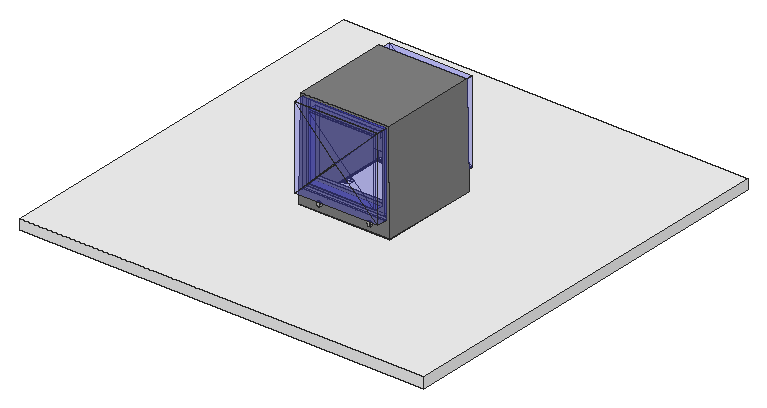
Revit family "BE_50063.5_de_DE", category Leuchten, Revit 2015
Parameters (values of type "BEGA_50063.5_K4")
  built-in parameter 1150104 = 16.992 (stored number, unit not read)
  Wattage = 7.6 W
  Default Elevation = 0 mm
  built-in parameter 1150113 = 1 (stored number, unit not read)
  built-in parameter 1114218 = 1 (stored number, unit not read)
  Umgebungstemperatur = ""
  URL = "http://www.bega.de/produkt/50063.5"
  Typenkommentare = "© 2017 BEGA. Wir behalten uns das Recht vor, technische Änderungen ohne vorherige Ankündigung vorzunehmen."  # constant formula
  built-in parameter 1150134 = 12
  built-in parameter 1150109 = 1 (stored number, unit not read)
  Strom = ""
  built-in parameter 1150110 = 1 (stored number, unit not read)
  Spannung = 239.996 V
  Sonderanfertigung = no
  Seriennummer [instance] = "Hier können Sie die eindeutige Seriennummer für das Facility Management eintragen."
  Schutzklasse = "I"
  Schutzart = ""
  Scheinlast = 0 VA
  Produktdatenblatt = "http://www.bega.de/download/Xrfa/db/50063.5.db.de.pdf"
  Oberflächentemperatur = ""
  Neigungswinkel = 0.00°
  Modell = "50063.5K4"
  Material_17 = BEGA_Reflektor
  Material_15 = BEGA_Leuchtmedium_matt
  Material_11 = BEGA_Glas_opal
  Material_09 = BEGA_Glas_klar
  Material_08 = BEGA_Oberfläche_Stahl_verzinkt
  Material_06 = BEGA_Oberfläche_Edelstahl_gebürstet
  Material_05 = BEGA_Oberfläche_Aluminium Guss
  Material_03 = BEGA_Oberfläche_Weiss_matt
  Material_02 = BEGA_Oberfläche_Silber_matt
  Material_01 [instance] = BEGA_Oberfläche_Grafit_matt
  M_W = no
  M_G = no
  M_A = no
  Logo = 0
  built-in parameter 1114217 = 1 (stored number, unit not read)
  built-in parameter 1150139 = (empty or 0)
  built-in parameter 1150105 = 110.62 (stored number, unit not read)
  built-in parameter 1150114 = 1 (stored number, unit not read)
  Lumens = 1390.04 lm
  built-in parameter 1150115 = 1 (stored number, unit not read)
  Leuchtenlichtstrom = "566 lm"
  Leuchtenanzahl = ""
  Lebensdauerkriterien = "L70B50 @ 25 °C = 500000 h"
  Lastklassifizierung = Beleuchtung
  built-in parameter 1150112 = 1 (stored number, unit not read)
  Lampenlichtstrom = "1390 lm"
  Lampe = "LED 7.6 W"
  LED_Modulbezeichnung = "2x LED-0276/840 "
  Hersteller = "BEGA"  # constant formula
  Halbstreuwinkel = ""
  Gewicht = "1.0 kg"
  Gebrauchslageneinschränkung [instance] = ""
  Frequenz = "0/50-60 Hz"
  Farbwiedergabeindex = "Ra > 80"
  Farbtemperaturverschiebung bei Dämpfen der Lampe = <Keine Auswahl>
  Farbtemperatur = "4000 K"
  Color Filter = 16777215
  built-in parameter 1150133 = 10 (stored number, unit not read)
  Energieeffizienzklasse = "LED A++ - A"
  built-in parameter 1150137 = (empty or 0)
  built-in parameter 1150132 = (empty or 0)
  ENEC = ""
  Dimmbar [instance] = ""
  Datei für fotometrisches Netz = "BE_50063K4.IES"
  CE_Konformität = "ja"
  Bestellnummer = "50063.5K4"
  Beschreibung_Sonderanfertigung = "Hier können Sie Informationen zur Sonderanfertigung eintragen."
  Beschreibung = "Wandleuchte"
  built-in parameter 1150106 = 1.1062 (stored number, unit not read)
  Befestigungsbohrung = "Ø 4,5 mm"
  Befestigungsabstand = "65 mm"
  Ballwurfsicher = ""
  BEGA_Intern_aus = yes
  BEGA_Intern_an = yes
  BEGA_Intern_Konstruktion = yes
  BEGA_Intern = yes
  BEGA_IES = yes
  BEGA_Dummy = no
  Anschlussleitung = ""
  Anschlussleistung [instance] = "9.5 W"
  Anschlusskasten = ""
  built-in parameter 1150107 = 4000 (stored number, unit not read)
  built-in parameter 1150102 = (empty or 0)
  built-in parameter 1150138 = (empty or 0)
  Aktualisierung = "2017-06-22T04:08:41"
  Abstand_zur_angestrahlten_Fläche [instance] = ""
  AC/DC = "AC/DC"
Types (2, lengths in mm): name | built-in parameter 1150104 | built-in parameter 1150134 | Modell | built-in parameter 1150105 | Lumens | Leuchtenlichtstrom | Lampenlichtstrom | LED_Modulbezeichnung | Farbtemperatur | Datei für fotometrisches Netz | Bestellnummer | built-in parameter 1150106 | built-in parameter 1150107
  BEGA_50063.5_K4 | 16.992 (stored number, unit not read) | 12 | "50063.5K4" | 110.62 (stored number, unit not read) | 1390.04 lm | "566 lm" | "1390 lm" | "2x LED-0276/840 " | "4000 K" | "BE_50063K4.IES" | "50063.5K4" | 1.1062 (stored number, unit not read) | 4000 (stored number, unit not read)
  BEGA_50063.5_K3 | 16.258 (stored number, unit not read) | (empty or 0) | "50063.5" | 105.84 (stored number, unit not read) | 1330 lm | "542 lm" | "1330 lm" | "2x LED-0276/830 " | "3000 K" | "BE_50063.IES" | "50063.5" | 1.0584 (stored number, unit not read) | 3000 (stored number, unit not read)
Reference planes
  plane 1 "Mitte (Vorne/Hinten)": y = 0
  plane 2: z = 0
  plane 3 "Mitte (Links/Rechts)": x = 0
  plane 4 "Links": x = -45
  plane 5 "Rechts": x = 45
  plane 6 "Unten": y = -59.933
  plane 7 "Oben": y = 59.933
  plane 8 "Vorne": z = 100
  plane 9 "Hinten": z = 0
Forms (mm)
  Extrusion 1, solid, material "BEGA_Platte_Weiss"
    sketch origin (0, -1119.2, 0) x (1, 0, 0) y (0, 1, 0)
      loop
        line (-200, 1319.2) -> (-200, 919.2) -> (200, 919.2) -> (200, 1319.2) -> (-200, 1319.2)
    from 0 to -10
  Extrusion 2, solid, material "BEGA_Dummy_matt", visible <- "BEGA_Dummy"
    sketch origin (80.095, -76.023, 0) x (1, 0, 0) y (0, 1, 0)
      loop
        line (-125.095, 135.956) -> (-125.095, 16.091) -> (-35.095, 16.091) -> (-35.095, 135.956) -> (-125.095, 135.956)
    from 0 to 100
Dimensions and locks
  plane 1 "Mitte (Vorne/Hinten)" to Extrusion 1 = 200 mm
  aligned and locked: plane 2 to Extrusion 1
  aligned and locked: level to Extrusion 1
Nested families
  nested 1: "BE_50063.5" at (0, 0, 0), type "BE_50063.5"
Connectors
  electrical at (0, 0, 0), driven by "Lastklassifizierung", driven by "Spannung", driven by "Scheinlast"
    settings: index 1, voltage 239.996 V, apparent load 0 VA, apparent load phase1 0 VA, apparent load phase2 0 VA, apparent load phase3 0 VA, power factor 1, load classification "Beleuchtung", number of poles 1, system type 31, power factor state 1, is connector primary yes, connector utility no, sub classification motor no, connector description ""
Definition of nested family "BE_50063.5"
  Parameters (values of type "BE_50063.5")
    Default Elevation = 1 mm
    URL = "http://www.bega.de/de/produkt"
    Type Comments = "© 2015 BEGA. Wir behalten uns das Recht vor, technische Änderungen ohne vorherige Ankündigung vorzunehmen. "  # constant formula
    Type Image = (empty or 0)
    Neigungswinkel_um_Z2 = 0.00°
    Neigungswinkel_um_Z1 = 0.00°
    Neigungswinkel_um_Y2 = 0.00°
    Neigungswinkel_um_Y1 = 0.00°
    Neigungswinkel_um_X2 = 0.00°
    Neigungswinkel_um_X1 = 0.00°
    Material_17 = none
    Material_15 = none
    Material_11 = none
    Material_09 = none
    Material_08 = none
    Material_06 = none
    Material_05 = none
    Material_03 = none
    Material_02 = none
    Material_01 = none
    M_W = yes
    M_G = yes
    M_A = yes
    Länge_Platte = 200 mm  # constant formula
    Höhe_Platte = -10 mm  # constant formula
    Manufacturer = "BEGA"  # constant formula
    Drehwinkel_um_Z2 = 0.00°
    Drehwinkel_um_Z1 = 0.00°
    Breite_Platte = 200 mm  # constant formula
  Reference planes
    plane 1 "Mitte (Oben/Unten)": y = 0
    plane 2: z = 0
    plane 3 "Mitte (Links/Rechts)": x = 0
    plane 4: x = -45
    plane 5: z = 100
    plane 6: x = 45
    plane 7: y = 59.933
    plane 8: y = -59.933
  Forms (mm)
    Extrusion 1, solid, detail levels medium
      sketch origin (0, 0, 0) x (1, 0, 0) y (0, 1, 0)
        loop
          line (-100, 100) -> (-100, -100) -> (100, -100) -> (100, 100) -> (-100, 100)
      from 0 to -10 <- "Höhe_Platte"
    Extrusion 2, solid, material <- "Material_01", detail levels medium+fine
      sketch origin (0, 0, 0) x (0, 1, 0) y (0, 0, 1)
        loop
          line (48.25, 1) -> (48.25, 100) -> (-48.25, 100) -> (-48.25, 1) -> (-45.046, 1) -> (-45.046, 14) -> (-38.126, 14) -> (-38.126, 93) -> (38.126, 93) -> (38.126, 14) -> (45.046, 14) -> (45.046, 1) -> (48.25, 1)
      from -46.262 to 45.91
    Extrusion 3, solid, material <- "Material_01", detail levels medium+fine
      sketch origin (0, 0, 0) x (1, 0, 0) y (0, 0, 1)
        loop
          line (-46.262, 100) -> (-46.262, 1) -> (-41.809, 1) -> (-41.809, 100) -> (-46.262, 100)
        loop
          line (46.262, 100) -> (41.809, 100) -> (41.809, 1) -> (46.262, 1) -> (46.262, 100)
      from -48.25 to 48.25
    Extrusion 4, void
      sketch origin (0, 0, 0) x (1, 0, 0) y (0, 0, 1)
        loop
          line (-43.257, 100.874) -> (-46.262, 100.874) -> (-46.262, 0.652) -> (-45.006, 0.652) -> (-43.257, 100.874)
        loop
          line (43.257, 100.874) -> (45.006, 0.652) -> (46.262, 0.652) -> (46.262, 100.874) -> (43.257, 100.874)
      from -54.367 to 54.729
    Extrusion 5, void
      sketch origin (0, 0, 0) x (0, 1, 0) y (0, 0, 1)
        loop
          line (43.483, 89.749) -> (-43.906, 89.749) -> (-43.906, 25.491) -> (43.483, 25.491) -> (43.483, 89.749)
      from -33.322 to 33.208
    Extrusion 6, void
      sketch origin (0, 0, 0) x (0, 1, 0) y (0, 0, 1)
        loop
          line (48.25, 98.063) -> (42.45, 98.063) -> (42.45, 15.433) -> (48.25, 15.433) -> (48.25, 98.063)
        loop
          line (-48.25, 98.063) -> (-48.25, 15.433) -> (-42.45, 15.433) -> (-42.45, 98.063) -> (-48.25, 98.063)
      from -41.25 to 41.313
    Sweep 7, solid, material <- "Material_11", detail levels medium+fine
      path origin (0, 0, 0) x (1, 0, 0) y (0, 0, 1)
        loop
          line (41.25, 97.933) -> (-41.25, 97.933) -> (-41.25, 15.433) -> (41.25, 15.433) -> (41.25, 97.933)
      profile origin (0, 0, 97.933) x (0, 0, -1) y (0, -1, 0)
        loop
          line (-0.067, -46.95) -> (0.352, -58.947)
          arc (0.352, -58.947) -> (20.761, -59.689) -> (41.183, -59.933) r 836.627
          line (41.183, -59.933) -> (41.183, -53.463)
          arc (41.183, -53.463) -> (25.118, -52.991) -> (9.076, -52.023) r 520.56
          arc (9.076, -52.023) -> (8.43, -51.718) -> (8.152, -51.06) r 1
          line (8.152, -51.06) -> (7.851, -42.45) -> (2.738, -42.45) -> (2.581, -46.95) -> (-0.067, -46.95)
    Sweep 8, solid, material <- "Material_11", detail levels medium+fine
      path origin (0, 0, 0) x (1, 0, 0) y (0, 0, -1)
        loop
          line (41.25, -97.933) -> (41.25, -15.433) -> (-41.25, -15.433) -> (-41.25, -97.933) -> (41.25, -97.933)
      profile origin (0, 0, 97.933) x (0, 0, 1) y (0, 1, 0)
        loop
          line (0.067, -46.95) -> (-2.581, -46.95) -> (-2.738, -42.45) -> (-7.851, -42.45) -> (-8.152, -51.06)
          arc (-8.152, -51.06) -> (-8.43, -51.718) -> (-9.076, -52.023) r 1
          arc (-9.076, -52.023) -> (-25.118, -52.991) -> (-41.183, -53.463) r 520.56
          line (-41.183, -53.463) -> (-41.183, -59.933)
          arc (-41.183, -59.933) -> (-20.761, -59.689) -> (-0.352, -58.947) r 836.627
          line (-0.352, -58.947) -> (0.067, -46.95)
    Sweep 9, solid, material <- "Material_03", detail levels medium+fine
      path origin (0, 0, 0) x (1, 0, 0) y (0, 1, 0)
        loop
          line (45, 48.25) -> (-45, 48.25) -> (-45, -48.25) -> (45, -48.25) -> (45, 48.25)
      profile origin (0, 48.25, 0) x (0, -1, 0) y (0, 0, 1)
        loop
          line (0.75, 0) -> (5, 0)
          arc (5, 0) -> (6.061, 0.439) -> (6.5, 1.5) r 1.5
          line (6.5, 1.5) -> (6.5, 2.5)
          arc (6.5, 2.5) -> (6.646, 2.854) -> (7, 3) r 0.5
          line (7, 3) -> (35.781, 3) -> (35.781, 4) -> (7, 4)
          arc (7, 4) -> (5.939, 3.561) -> (5.5, 2.5) r 1.5
          line (5.5, 2.5) -> (5.5, 1.5)
          arc (5.5, 1.5) -> (5.354, 1.146) -> (5, 1) r 0.5
          line (5, 1) -> (0.75, 1) -> (0.75, 0)
    Extrusion 10, void
      sketch origin (0, 0, 0) x (1, 0, 0) y (0, 1, 0)
        loop
          circle (15, 24.6) r 8.5
        loop
          circle (-34, -1.9) r 4.25
        loop
          circle (34, -1.9) r 4.25
      from 0 to 6.683
    Extrusion 11, solid, material <- "Material_03", detail levels medium+fine
      sketch origin (0, 0, 0) x (1, 0, 0) y (0, 1, 0)
        loop
          line (-9.219, -12.469) -> (9.219, -12.469) -> (9.219, 12.469) -> (-9.219, 12.469) -> (-9.219, -12.469)
      from 3 to 4
    Revolve 12, void
      sketch origin (0, -9.199, 8) x (1, 0, 0) y (0, 1, 0)
        loop
          line (-25, -37.114) -> (-25, -39.501) -> (-22.298, -39.501) -> (-23.112, -38.09) -> (-23.112, -37.114) -> (-25, -37.114)
        axis (-25, -37.114) -> (-25, -39.501)
      angle from 0 to 360
    Revolve 13, solid, material <- "Material_06", detail levels fine
      sketch origin (-25, 0, 0) x (0, 1, 0) y (0, 0, 1)
        loop
          line (-49.15, 10) -> (-49.15, 8) -> (-45.433, 8) -> (-45.433, 10.5) -> (-46.575, 10.5) -> (-47.289, 10) -> (-49.15, 10)
        axis (-49.15, 8) -> (-45.433, 8)
      angle from 0 to 360
    Revolve 14, void
      sketch origin (0, -9.199, 8) x (-1, 0, 0) y (0, -1, 0)
        loop
          line (-25, 37.114) -> (-23.112, 37.114) -> (-23.112, 38.09) -> (-22.298, 39.501) -> (-25, 39.501) -> (-25, 37.114)
        axis (-25, 37.114) -> (-25, 39.501)
      angle from 0 to 360
    Revolve 15, solid, material <- "Material_06", detail levels fine
      sketch origin (25, 0, 0) x (0, 1, 0) y (0, 0, -1)
        loop
          line (-49.15, -10) -> (-47.289, -10) -> (-46.575, -10.5) -> (-45.433, -10.5) -> (-45.433, -8) -> (-49.15, -8) -> (-49.15, -10)
        axis (-49.15, -8) -> (-45.433, -8)
      angle from 0 to 360
  Cuts and joins
    Extrusion 4, Extrusion 5, Extrusion 6, Extrusion 10, Revolve 12, Revolve 14 cuts Extrusion 2
    Extrusion 4, Extrusion 5, Extrusion 6, Extrusion 10, Revolve 12, Revolve 14 cuts Extrusion 3
    joined: Extrusion 2, Extrusion 3
    Extrusion 10 cuts Sweep 9
    joined: Sweep 9, Extrusion 11
    Revolve 14 cuts Revolve 13
  Dimensions and locks
    equal spacing: Extrusion 1 sketch curve, plane 3 "Mitte (Links/Rechts)", Extrusion 1 sketch curve
    equal spacing: Extrusion 1 sketch curve, plane 1 "Mitte (Oben/Unten)", Extrusion 1 sketch curve
    "Länge_Platte": Extrusion 1 sketch curve to Extrusion 1 sketch curve
    "Breite_Platte": Extrusion 1 sketch curve to Extrusion 1 sketch curve
    aligned and locked: Extrusion 1 to plane 2
    aligned and locked: level to Extrusion 1
  Automatic sketch dimensions
    level to Extrusion 3 sketch curve = 1 mm  (x2)
    Extrusion 3 sketch curve to plane 3 "Mitte (Links/Rechts)" = 46.262 mm
    Extrusion 3 sketch curve to Extrusion 3 sketch curve = 4.453 mm  (x2)
    plane 3 "Mitte (Links/Rechts)" to Extrusion 3 sketch curve = 41.809 mm
    Extrusion 3 sketch curve to Extrusion 3 sketch curve = 99 mm
    Extrusion 3 sketch curve to Extrusion 3 sketch curve = 0 mm
    level to Extrusion 4 sketch curve = 0.652 mm  (x2)
    Extrusion 4 sketch curve to plane 3 "Mitte (Links/Rechts)" = 46.262 mm
    Extrusion 4 sketch curve to Extrusion 4 sketch curve = 1.256 mm  (x2)
    Extrusion 4 sketch curve to Extrusion 4 sketch curve = 3.006 mm
    plane 3 "Mitte (Links/Rechts)" to Extrusion 4 sketch curve = 43.257 mm
    plane 3 "Mitte (Links/Rechts)" to Extrusion 4 sketch curve = 45.006 mm
    Extrusion 4 sketch curve to Extrusion 4 sketch curve = 0 mm
    plane 1 "Mitte (Oben/Unten)" to Extrusion 5 sketch curve = 43.906 mm
    Extrusion 5 sketch curve to plane 1 "Mitte (Oben/Unten)" = 43.483 mm
    level to Extrusion 5 sketch curve = 25.491 mm
    Extrusion 5 sketch curve to Extrusion 5 sketch curve = 64.259 mm
    level to Extrusion 6 sketch curve = 15.433 mm  (x2)
    plane 1 "Mitte (Oben/Unten)" to Extrusion 6 sketch curve = 48.25 mm
    Extrusion 6 sketch curve to Extrusion 6 sketch curve = 5.8 mm  (x2)
    Extrusion 6 sketch curve to plane 1 "Mitte (Oben/Unten)" = 42.45 mm
    Extrusion 6 sketch curve to Extrusion 6 sketch curve = 82.63 mm  (x2)
    Sweep 7 sketch curve to plane 3 "Mitte (Links/Rechts)" = 41.25 mm
    level to Sweep 7 sketch curve = 15.433 mm
    plane 3 "Mitte (Links/Rechts)" to Sweep 7 sketch curve = 41.25 mm
    Sweep 7 sketch curve to Sweep 7 sketch curve = 82.5 mm
    profile plane to Sweep 7 sketch curve = 0.067 mm
    Sweep 7 sketch curve to profile plane = 0.352 mm
    Sweep 7 sketch curve to profile plane = 2.581 mm
    Sweep 7 sketch curve to profile plane = 2.738 mm
    Sweep 7 sketch curve to Sweep 7 sketch curve = 5.113 mm
    Sweep 7 sketch curve to Sweep 7 sketch curve = 5.571 mm
    Sweep 7 sketch curve to Sweep 7 sketch curve = 0.999 mm
    Sweep 7 sketch curve to profile plane = 40.953 mm
    Sweep 7 sketch curve to Sweep 7 sketch curve = 32.032 mm
    Sweep 7 sketch curve to profile plane = 48.45 mm
    Sweep 7 sketch curve to plane 1 "Mitte (Oben/Unten)" = 59.933 mm
    Sweep 7 sketch curve to Sweep 7 sketch curve = 0.986 mm
    Sweep 7 sketch curve to Sweep 7 sketch curve = 6.469 mm
    Sweep 7 sketch curve to Sweep 7 sketch curve = 7.886 mm
    Sweep 7 sketch curve to Sweep 7 sketch curve = 0.035 mm
    Sweep 7 sketch curve to Sweep 7 sketch curve = 4.11 mm
    Sweep 7 sketch curve to Sweep 7 sketch curve = 4.5 mm
    Sweep 7 sketch curve to Sweep 7 sketch curve = 309.648 mm
    Sweep 8 sketch curve to plane 3 "Mitte (Links/Rechts)" = 41.25 mm
    level to Sweep 8 sketch curve = 15.433 mm
    plane 3 "Mitte (Links/Rechts)" to Sweep 8 sketch curve = 41.25 mm
    Sweep 8 sketch curve to Sweep 8 sketch curve = 82.5 mm
    profile plane to Sweep 8 sketch curve = 48.45 mm
    profile plane to Sweep 8 sketch curve = 41.183 mm
    profile plane to Sweep 8 sketch curve = 40.953 mm
    profile plane to Sweep 8 sketch curve = 9.151 mm
    Sweep 8 sketch curve to Sweep 8 sketch curve = 0.999 mm
    profile plane to Sweep 8 sketch curve = 7.851 mm
    profile plane to Sweep 8 sketch curve = 2.738 mm
    profile plane to Sweep 8 sketch curve = 2.581 mm
    profile plane to Sweep 8 sketch curve = 0.352 mm
    Sweep 8 sketch curve to profile plane = 0.067 mm
    Sweep 8 sketch curve to profile plane = 59.933 mm
    Sweep 8 sketch curve to Sweep 8 sketch curve = 0.986 mm
    Sweep 8 sketch curve to Sweep 8 sketch curve = 6.469 mm
    Sweep 8 sketch curve to Sweep 8 sketch curve = 7.886 mm
    Sweep 8 sketch curve to Sweep 8 sketch curve = 0.035 mm
    Sweep 8 sketch curve to Sweep 8 sketch curve = 4.11 mm
    Sweep 8 sketch curve to Sweep 8 sketch curve = 4.5 mm
    Sweep 8 sketch curve to Sweep 8 sketch curve = 309.648 mm
    Sweep 9 sketch curve to plane 3 "Mitte (Links/Rechts)" = 45 mm
    plane 3 "Mitte (Links/Rechts)" to Sweep 9 sketch curve = 45 mm
    plane 1 "Mitte (Oben/Unten)" to Sweep 9 sketch curve = 48.25 mm
    Sweep 9 sketch curve to plane 1 "Mitte (Oben/Unten)" = 48.25 mm
    Sweep 9 sketch curve to Sweep 9 sketch curve = 0 mm  (x4)
    Sweep 9 sketch curve to level = 0 mm
    Sweep 9 sketch curve to profile plane = 0.75 mm
    level to Sweep 9 sketch curve = 1 mm
    Sweep 9 sketch curve to Sweep 9 sketch curve = 4.25 mm
    Sweep 9 sketch curve to Sweep 9 sketch curve = 0.5 mm  (x2)
    level to Sweep 9 sketch curve = 3 mm
    Sweep 9 sketch curve to Sweep 9 sketch curve = 28.781 mm
    plane 1 "Mitte (Oben/Unten)" to Extrusion 10 sketch curve = 1.9 mm  (x2)
    Extrusion 10 sketch curve to plane 3 "Mitte (Links/Rechts)" = 34 mm
    plane 3 "Mitte (Links/Rechts)" to Extrusion 10 sketch curve = 15 mm
    Extrusion 10 sketch curve to Extrusion 10 sketch curve = 19 mm
    Extrusion 10 sketch curve to plane 1 "Mitte (Oben/Unten)" = 24.6 mm
    Extrusion 11 sketch curve to plane 3 "Mitte (Links/Rechts)" = 9.219 mm
    plane 3 "Mitte (Links/Rechts)" to Extrusion 11 sketch curve = 9.219 mm
    plane 1 "Mitte (Oben/Unten)" to Extrusion 11 sketch curve = 12.469 mm
    Extrusion 11 sketch curve to plane 1 "Mitte (Oben/Unten)" = 12.469 mm
    Revolve 12 sketch curve to plane 3 "Mitte (Links/Rechts)" = 25 mm
    Revolve 12 sketch curve to Revolve 12 sketch curve = 1.888 mm
    Revolve 12 sketch curve to Revolve 12 sketch curve = 0.814 mm
    plane 1 "Mitte (Oben/Unten)" to Revolve 12 sketch curve = 48.7 mm
    Revolve 12 sketch curve to Revolve 12 sketch curve = 1.411 mm
    Revolve 12 sketch curve to Revolve 12 sketch curve = 0.976 mm
    Revolve 12 sketch curve to Revolve 12 sketch curve = 0 mm
    Revolve 12 sketch curve to Revolve 12 sketch curve = 1.782 mm
    Revolve 12 sketch curve to Revolve 12 sketch curve = 1.743 mm
    level to Revolve 13 sketch curve = 10 mm
    plane 1 "Mitte (Oben/Unten)" to Revolve 13 sketch curve = 49.15 mm
    Revolve 13 sketch curve to Revolve 13 sketch curve = 1.861 mm
    level to Revolve 13 sketch curve = 10.5 mm
    Revolve 13 sketch curve to Revolve 13 sketch curve = 0.714 mm
    Revolve 13 sketch curve to Revolve 13 sketch curve = 1.142 mm
    Revolve 13 sketch curve to Revolve 13 sketch curve = 2 mm  (x2)
    Revolve 13 sketch curve to Revolve 13 sketch curve = 0.817 mm
    Revolve 13 sketch curve to Revolve 13 sketch curve = 0 mm
    plane 3 "Mitte (Links/Rechts)" to Revolve 14 sketch curve = 25 mm
    Revolve 14 sketch curve to Revolve 14 sketch curve = 1.888 mm
    Revolve 14 sketch curve to Revolve 14 sketch curve = 0.814 mm
    plane 1 "Mitte (Oben/Unten)" to Revolve 14 sketch curve = 46.314 mm
    Revolve 14 sketch curve to Revolve 14 sketch curve = 0.976 mm
    Revolve 14 sketch curve to Revolve 14 sketch curve = 1.411 mm
    Revolve 14 sketch curve to Revolve 14 sketch curve = 0 mm
    Revolve 14 sketch curve to Revolve 14 sketch curve = 1.743 mm
    Revolve 14 sketch curve to Revolve 14 sketch curve = 1.782 mm
    level to Revolve 15 sketch curve = 10 mm
    plane 1 "Mitte (Oben/Unten)" to Revolve 15 sketch curve = 49.15 mm
    Revolve 15 sketch curve to Revolve 15 sketch curve = 1.861 mm
    level to Revolve 15 sketch curve = 10.5 mm
    Revolve 15 sketch curve to Revolve 15 sketch curve = 0.714 mm
    Revolve 15 sketch curve to Revolve 15 sketch curve = 1.142 mm
    Revolve 15 sketch curve to Revolve 15 sketch curve = 2.5 mm
    Revolve 15 sketch curve to Revolve 15 sketch curve = 2 mm
    Revolve 15 sketch curve to Revolve 15 sketch curve = 0.817 mm
    Revolve 15 sketch curve to Revolve 15 sketch curve = 0 mm
    Extrusion 4 sketch curve to plane 5 = 0.874 mm
    plane 5 to Extrusion 2 sketch curve = 0 mm
    Extrusion 2 sketch curve to plane 8 = 11.683 mm
    Extrusion 2 sketch curve to Extrusion 2 sketch curve = 3.204 mm
    Extrusion 2 sketch curve to Extrusion 2 sketch curve = 10.124 mm
    Extrusion 2 sketch curve to plane 7 = 21.806 mm
    level to Extrusion 2 sketch curve = 1 mm  (x2)
    Extrusion 2 sketch curve to Extrusion 2 sketch curve = 6.92 mm
    Extrusion 2 sketch curve to plane 7 = 11.683 mm
    Extrusion 2 sketch curve to Extrusion 2 sketch curve = 13 mm
    level to Extrusion 2 sketch curve = 14 mm
    plane 5 to Extrusion 2 sketch curve = 7 mm
    radius of Extrusion 10 sketch curve = 8.5 mm
    radius of Extrusion 10 sketch curve = 4.25 mm  (x2)
